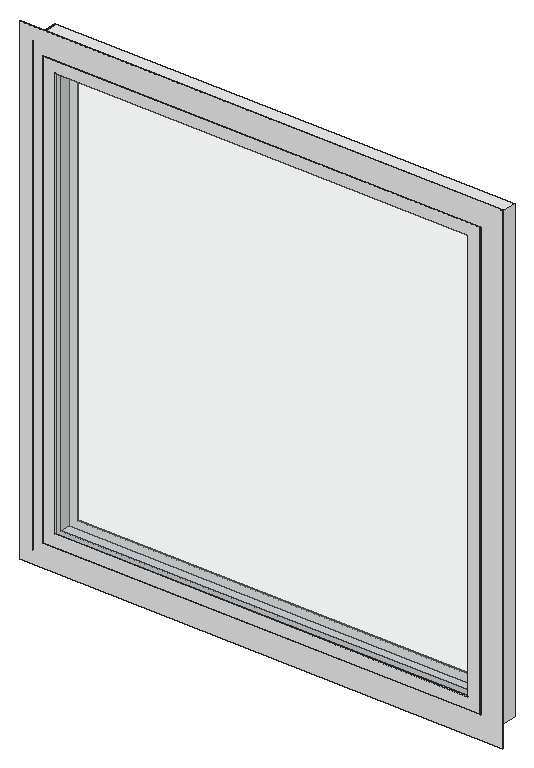
Revit family "Casement_36_B_Top_Hung_Custom", category Windows, host Wall, Revit 2014
Parameters (values of type "Casement_Sash_DG")
  Width Sash [instance] = 30 mm
  Width Sash Inner = 15 mm
  Width Bead = 15 mm
  Top Hung [instance] = yes
  Side Hung Right [instance] = yes
  Side Hung Left [instance] = yes
  Sash Opening Width [instance] = 600 mm
  Sash Opening Height [instance] = 600.312 mm
  Sash Lip = 15 mm
  Glazing Material [instance] = Glass
  DG Start Piece 2 [instance] = DG End Piece 1 + DG Gasket Thickness  # 25 mm
  DG Start Peice 1 [instance] = (Depth Sash - (2 * DG Glazing Thickness) - DG Gasket Thickness) / 2  # 6.6 mm
  Glazing Offset = 5 mm
  DG Glazing Thickness [instance] = 6.4 mm
  DG Gasket Thickness = 12 mm  # constant formula
  DG Gasket Material [instance] = none
  DG End Piece 2 [instance] = DG Start Piece 2 + DG Glazing Thickness  # 31.4 mm
  DG End Piece 1 [instance] = DG Start Peice 1 + DG Glazing Thickness  # 13 mm
  Depth Sash [instance] = 38 mm
  Center Vertical Sash [instance] = Sash Opening Height / 2  # 300.156 mm
  Center Horizontal Sash [instance] = Sash Opening Width / 2  # 300 mm
  Bottom Hung [instance] = yes
  Bead Offset = 15 mm
  Aluminium Thickness = 1 mm
  Aluminium Material [instance] = White Powder Coated Aluminium
Reference planes
  plane 1 "Center (Front/Back)": y = 0
  plane 2: z = 0
  plane 3 "Center (Left/Right)": x = 0
Forms (mm)
  Sweep 1, solid, material "White Powder Coated Aluminium" <- "Aluminium Material"
    path origin (16.177, 0, 121.331) x (1, 0, 0) y (0, 0, 1)
      loop
        line (0, 0) -> (600, 0) -> (600, 600.312) -> (0, 600.312) -> (0, 0)
    profile origin (316.177, 0, 121.331) x (0, 0, 1) y (0, -1, 0)
      loop
        line (0, 0) -> (30, 0) -> (30, 1) -> (15, 1) -> (15, 38) -> (-15, 38) -> (-15, 37) -> (0, 37) -> (0, 0)
      loop
        line (14, 1) -> (14, 37) -> (1, 37) -> (1, 1) -> (14, 1)
  Sweep 2, solid, material "White Powder Coated Aluminium" <- "Aluminium Material"
    path origin (0, 0, 0) x (1, 0, 0) y (0, 0, 1)
      loop
        line (31.177, 706.643) -> (31.177, 136.331) -> (601.177, 136.331) -> (601.177, 706.643) -> (31.177, 706.643)
    profile origin (316.177, 0, 706.643) x (0, 0, 1) y (0, -1, 0)
      loop
        line (0, 37) -> (0, 38) -> (-15, 38) -> (-15, 37) -> (0, 37)
  Extrusion 3, solid, material "Glass" <- "Glazing Material"
    sketch origin (0, 0, 0) x (1, 0, 0) y (0, 0, 1)
      loop
        line (36.177, 701.643) -> (36.177, 141.331) -> (596.177, 141.331) -> (596.177, 701.643) -> (36.177, 701.643)
    from 6.6 <- "DG Start Peice 1" to 13 <- "DG End Piece 1"
  Extrusion 4, solid, material "Glass" <- "Glazing Material"
    sketch origin (0, 0, 0) x (1, 0, 0) y (0, 0, 1)
      loop
        line (36.177, 701.643) -> (36.177, 141.331) -> (596.177, 141.331) -> (596.177, 701.643) -> (36.177, 701.643)
    from 31.4 <- "DG End Piece 2" to 25 <- "DG Start Piece 2"
  Sweep 5, solid, material <- "DG Gasket Material"
    path origin (0, -13, 0) x (1, 0, 0) y (0, 0, 1)
      loop
        line (36.177, 701.643) -> (36.177, 141.331) -> (596.177, 141.331) -> (596.177, 701.643) -> (36.177, 701.643)
    profile origin (316.177, -13, 701.643) x (0, 0, 1) y (0, -1, 0)
      loop
        line (0, 0) -> (0, 12) -> (-7.96, 12) -> (-7.96, 0) -> (0, 0)
Lines and regions (mm)
  model lines
    curve 1: line (1.177, -38, 736.643) -> (31.177, -38, 706.643)
    curve 2: line (601.177, -38, 706.643) -> (631.177, -38, 736.643)
    curve 3: line (601.177, -38, 136.331) -> (631.177, -38, 106.331)
    curve 4: line (1.177, -38, 106.331) -> (31.177, -38, 136.331)
    curve 5: line (631.177, -37, 736.643) -> (616.177, -37, 721.643)
    curve 6: line (1.177, -37, 736.643) -> (16.177, -37, 721.643)
    curve 7: line (1.177, -37, 106.331) -> (16.177, -37, 121.331)
    curve 8: line (631.177, -37, 106.331) -> (616.177, -37, 121.331)
    curve 9: line (616.177, 0, 121.331) -> (586.177, 0, 151.331)
    curve 10: line (46.177, 0, 151.331) -> (16.177, 0, 121.331)
    curve 11: line (616.177, 0, 721.643) -> (586.177, 0, 691.643)
    curve 12: line (46.177, 0, 691.643) -> (16.177, 0, 721.643)
    curve 13: line (31.177, -38, 691.643) -> (46.177, -38, 691.643)
    curve 14: line (586.177, -38, 691.643) -> (601.177, -38, 691.643)
    curve 15: line (586.177, -38, 151.331) -> (601.177, -38, 151.331)
    curve 16: line (31.177, -38, 151.331) -> (46.177, -38, 151.331)
  model lines, style "GenericModelHiddenLines", visible <- "Top Hung"
    curve 17: line (46.386, -31.4, 690.914) -> (316.177, -31.4, 151.331)
    curve 18: line (316.177, -31.4, 151.331) -> (586.177, -31.4, 691.331)
  model lines, style "GenericModelHiddenLines", visible <- "Bottom Hung"
    curve 19: line (46.177, -31.4, 151.331) -> (316.177, -31.4, 691.331)
    curve 20: line (316.177, -31.4, 691.331) -> (586.177, -31.4, 151.331)
  model lines, style "GenericModelHiddenLines", visible <- "Side Hung Left"
    curve 21: line (46.386, -31.4, 690.914) -> (585.24, -31.4, 421.487)
    curve 22: line (585.24, -31.4, 421.487) -> (46.177, -31.4, 151.331)
  model lines, style "GenericModelHiddenLines", visible <- "Side Hung Right"
    curve 23: line (586.177, -31.4, 691.331) -> (46.177, -31.4, 421.487)
    curve 24: line (46.177, -31.4, 421.487) -> (586.177, -31.4, 151.331)
Dimensions and locks
  "Aluminium Thickness": Sweep 1 sketch curve to Sweep 1 sketch curve  (x4)
  "Depth Sash": Sweep 1 sketch curve to Sweep 1 sketch curve
  "Sash Opening Width": Sweep 1 to Sweep 1
  "Sash Opening Height": Sweep 1 to Sweep 1
  "Width Sash": Sweep 1 sketch curve to Sweep 1 sketch curve  (x2)
  "Width Sash Inner": Sweep 1 sketch curve to Sweep 1 sketch curve
  "Sash Lip": Sweep 1 sketch curve to Sweep 1 sketch curve
  "Aluminium Thickness": Sweep 1 to Sweep 2 sketch curve
  "Glazing Offset": Sweep 2 to Extrusion 3 sketch curve  (x3)
  "Glazing Offset": Extrusion 3 sketch curve to Sweep 2
  Sweep 1 to Sweep 1 = 1 mm
  "Aluminium Thickness": Sweep 2 sketch curve to Sweep 2 sketch curve
  "Width Bead": Sweep 2 sketch curve to Sweep 2 sketch curve
  locked: Sweep 5 sketch curve to Sweep 5 sketch curve at 7.96
  "Center Horizontal Sash": Sweep 1 to curve 18
  "Center Horizontal Sash": Sweep 1 to curve 20
  "Center Vertical Sash": Sweep 1 to curve 22
  "Center Vertical Sash": Sweep 1 to curve 24
  aligned and locked: level to plane 2
  aligned and locked: Sweep 1 sketch curve to Sweep 1 sketch curve  (x2)
  aligned and locked: Sweep 2 sketch curve to Sweep 1  (x5)
  aligned and locked: Extrusion 4 sketch curve to Extrusion 3  (x4)
  aligned and locked: Sweep 5 sketch curve to Extrusion 3  (x5)
  aligned and locked: Extrusion 3 to Sweep 5 sketch curve
Automatic sketch dimensions
  plane 3 "Center (Left/Right)" to Sweep 1 sketch curve = 16.177 mm
  level to Sweep 1 sketch curve = 121.331 mm
  plane 3 "Center (Left/Right)" to Sweep 1 sketch curve = 616.177 mm
  level to Sweep 1 sketch curve = 721.643 mm
  profile plane to Sweep 5 sketch curve = 12 mm
  curve 7 to Sweep 1 = 0 mm  (x4)
  curve 6 to Sweep 1 = 0 mm  (x3)
  Sweep 1 to curve 6 = 0 mm
  curve 5 to Sweep 1 = 0 mm  (x3)
  curve 8 to Sweep 1 = 0 mm  (x4)
  Sweep 1 to curve 5 = 0 mm
  curve 16 to Sweep 2 = 0 mm  (x3)
  curve 13 to Sweep 2 = 0 mm  (x3)
  curve 15 to Sweep 2 = 0 mm
  Sweep 2 to curve 15 = 0 mm  (x2)
  curve 14 to Sweep 2 = 0 mm  (x2)
  Sweep 2 to curve 14 = 0 mm
  curve 1 to Sweep 1 = 0 mm  (x4)
  curve 4 to Sweep 1 = 0 mm  (x3)
  Sweep 1 to curve 4 = 0 mm
  curve 3 to Sweep 1 = 0 mm  (x3)
  curve 2 to Sweep 1 = 0 mm  (x4)
  Sweep 1 to curve 3 = 0 mm
  curve 10 to Sweep 1 = 0 mm  (x4)
  curve 12 to Sweep 1 = 0 mm  (x3)
  Sweep 1 to curve 12 = 0 mm
  curve 9 to Sweep 1 = 0 mm  (x4)
  curve 11 to Sweep 1 = 0 mm  (x3)
  Sweep 1 to curve 11 = 0 mm
  Sweep 1 sketch curve to plane 1 "Center (Front/Back)" = 0 mm
  profile plane to Sweep 1 sketch curve = 0 mm
  curve 21 to Extrusion 4 = 10.208 mm
  curve 19 to Extrusion 4 = 10 mm
  curve 23 to Extrusion 4 = 10 mm  (x2)
  curve 22 to Extrusion 4 = 10.937 mm
  curve 20 to Extrusion 4 = 10 mm
  curve 24 to Extrusion 4 = 10 mm
  curve 22 to Extrusion 4 = 10 mm
  curve 18 to Extrusion 4 = 10 mm
  curve 21 to Extrusion 4 = 10.729 mm
  curve 19 to Extrusion 4 = 10.312 mm
  curve 18 to Extrusion 4 = 10.312 mm
